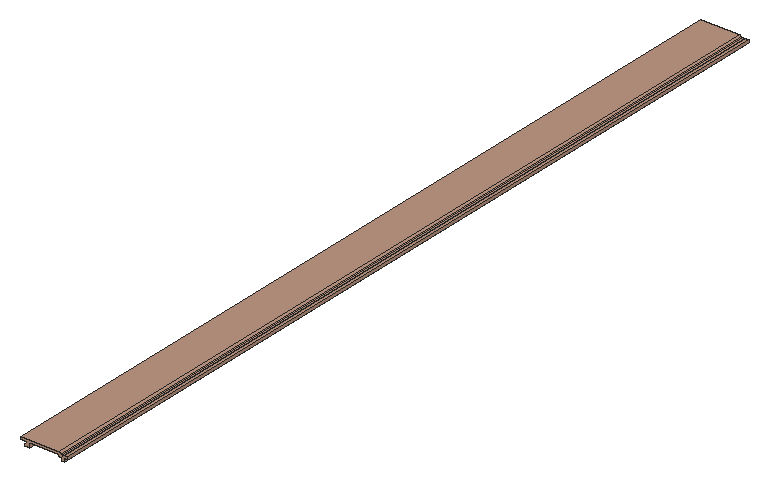
Revit family "SCI_WL_OWH-L5 T3T", category Generic Models, host Face, Revit 2019
Family settings
  Host = Face
  Can host rebar = No
  Round Connector Dimension = Use Diameter
  Part Type = Normal
  Cut with Voids When Loaded = No
  Shared = No
  Room Calculation Point = No
Parameters
  Width = 156 mm
  Thickness = 20 mm
  Material = Teak
  Length = 2800 mm
  Keynote = "Cladding Outdoor\r\nCladding Outdoor"
  Description = "Cladding Luxury Texture"
  Default Elevation = 1219.2 mm
Reference planes
  plane 1 "Center (Front/Back)": y = 0
  plane 2: z = 0
  plane 3 "Center (Left/Right)": x = 0
  plane 4: x = -78
  plane 5: x = 78
  plane 6: z = 20
Forms (mm)
  Extrusion 1, solid, material "Teak" <- "Material"
    sketch origin (0, 0, -21) x (1, 0, 0) y (0, 0, 1)
      loop
        line (-78, 41) -> (-78, 35.044) -> (-57.299, 35.044) -> (-57.299, 27.044) -> (-64.423, 27.044) -> (-64.423, 21) -> (-48.204, 21) -> (-48.187, 35.039) -> (43.91, 35.039) -> (53.336, 29.128) -> (60.205, 29.128) -> (60.205, 21) -> (70.069, 21) -> (70.069, 29.159) -> (78, 29.159) -> (78, 37.502) -> (69.035, 37.502) -> (67.409, 35.877) -> (62.595, 35.877) -> (60.97, 37.502) -> (54.47, 37.502) -> (48.893, 41) -> (-78, 41)
    from -2800 to 0
Dimensions and locks
  equal spacing: plane 4, plane 3 "Center (Left/Right)", plane 5  (x2)
  plane 4 to plane 5 = 156 mm
  "Width": plane 4 to plane 5
  "Length": Extrusion 1 to plane 1 "Center (Front/Back)"
  "Thickness": plane 6 to host face
  aligned and locked: plane 2 to host face
  aligned and locked: level to host face
  aligned and locked: plane 1 "Center (Front/Back)" to Extrusion 1
  aligned and locked: plane 6 to Extrusion 1
  aligned and locked: Extrusion 1 to host face  (x2)
  aligned and locked: plane 4 to Extrusion 1
  aligned and locked: Extrusion 1 to plane 5
Automatic sketch dimensions
  host sketch curve to host sketch curve = 2438.4 mm  (x2)
  plane 4 to Extrusion 1 sketch curve = 0 mm
  plane 5 to Extrusion 1 sketch curve = 0 mm
  Extrusion 1 sketch curve to plane 4 = 13.577 mm
  Extrusion 1 sketch curve to Extrusion 1 sketch curve = 7.124 mm
  Extrusion 1 sketch curve to Extrusion 1 sketch curve = 9.095 mm
  Extrusion 1 sketch curve to Extrusion 1 sketch curve = 9.112 mm
  plane 5 to Extrusion 1 sketch curve = 34.09 mm
  Extrusion 1 sketch curve to Extrusion 1 sketch curve = 4.983 mm
  Extrusion 1 sketch curve to Extrusion 1 sketch curve = 9.426 mm
  Extrusion 1 sketch curve to Extrusion 1 sketch curve = 5.577 mm
  Extrusion 1 sketch curve to Extrusion 1 sketch curve = 6.869 mm
  Extrusion 1 sketch curve to Extrusion 1 sketch curve = 6.5 mm
  Extrusion 1 sketch curve to Extrusion 1 sketch curve = 1.626 mm  (x4)
  Extrusion 1 sketch curve to Extrusion 1 sketch curve = 4.814 mm
  plane 5 to Extrusion 1 sketch curve = 7.931 mm
  Extrusion 1 sketch curve to Extrusion 1 sketch curve = 8 mm
  Extrusion 1 sketch curve to Extrusion 1 sketch curve = 6.749 mm
  Extrusion 1 sketch curve to Extrusion 1 sketch curve = 3.498 mm
  Extrusion 1 sketch curve to level = 0 mm  (x2)
  level to Extrusion 1 sketch curve = 6.044 mm
  Extrusion 1 sketch curve to Extrusion 1 sketch curve = 8.128 mm
  level to Extrusion 1 sketch curve = 8.159 mm
  Extrusion 1 sketch curve to Extrusion 1 sketch curve = 5.961 mm
